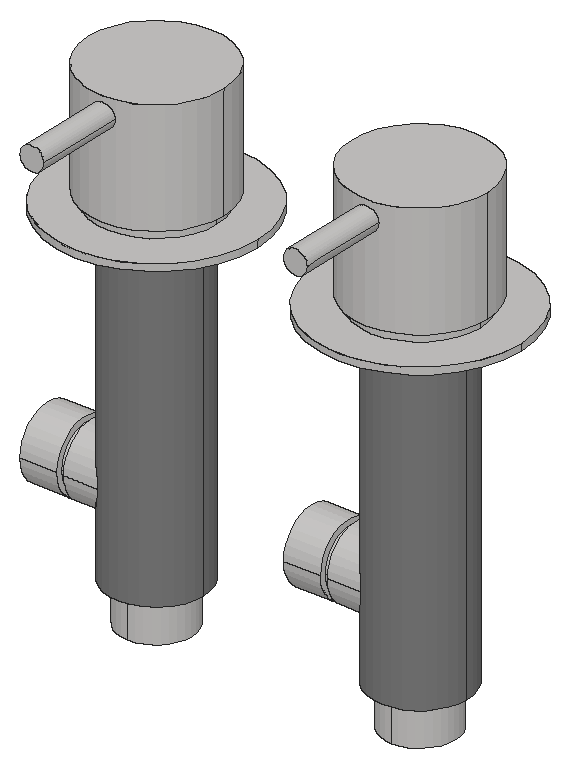
Revit family "SC2", category Generic Models, Revit 2021
Family settings
  Can host rebar = No
  Round Connector Dimension = Use Diameter
  Part Type = Normal
  Work Plane-Based = No
  Always vertical = Yes
  Cut with Voids When Loaded = No
  Shared = No
  Room Calculation Point = No
Parameters (values of type "Standard")
  e-mail = "info@vola.com"
  URL = "http://vola.com"
  Telephone = "+45 7023 5500"
  Quality management standard = "ISO 9001"
  Organisation no. / DUNS no. = "17531328"
  Occupational health and safety management standard = "ISO 18001"
  Mounting Instructions = "http://vola.com/service/producturl.ashx?name=SC2"
  Model = "SC2"
  Materials and components information = "http://vola.com/service/producturl.ashx?name=SC2"
  Manufacturer = "VOLA A/S"
  Maintenance Instructions = "http://vola.com/service/producturl.ashx?name=SC2"
  Guarantee = "2 years"
  Flow = "50,00 l/min"
  Environmental management standard = "ISO 14000"
  Default Elevation = 0.00 mm
  Connection - All relevant connections = "½\" for water connection"
  Approvals = "http://vola.com/service/producturl.ashx?name=SC2"
Reference planes
  plane 1 "Center (Front/Back)": y = 0
  plane 2: z = 0
  plane 3 "Center (Left/Right)": x = 0
Dimensions and locks
  aligned and locked: plane 2 to level
Nested families
  nested 1: "S50" at (39, 0, 0), type "S50"
  nested 2: "001" at (-39, 0, 0), type "001"
  nested 3: "001" at (39, 0, 0), type "001"
  nested 4: "S50" at (-39, 0, 0), type "S50"
Connectors
  piping at (-39, 0, -110), diameter 20.9
    settings: on nested 4, index 1, connector inside diameter 0.82283", connector length 0.00 mm, flow factor 0, pipe flow 0 GPM, pressure drop 0.00 psi, fitting loss kfactor 0, connector angle 0.00°, fixture units 0, engagement length 0.00 mm, angle of deflection 0.00°, flow configuration 0, flow direction 1, fitting loss method 0, system type 19, joint type 0, gender type 0, connector reference index -1, connector utility 0, adjustable connector no, is connector primary yes, connector description ""
  piping at (39, 0, -110), diameter 20.9
    settings: on nested 1, index 2, connector inside diameter 0.82283", connector length 0.00 mm, flow factor 0, pipe flow 0 GPM, pressure drop 0.00 psi, fitting loss kfactor 0, connector angle 0.00°, fixture units 0, engagement length 0.00 mm, angle of deflection 0.00°, flow configuration 0, flow direction 1, fitting loss method 0, system type 20, joint type 0, gender type 0, connector reference index -1, connector utility 0, adjustable connector no, is connector primary no, connector description ""
Definition of nested family "S50"
  Parameters
    e-mail = "info@vola.com"
    URL = "http://vola.com"
    Telephone = "+45 7023 5500"
    Quality management standard = "ISO 9001"
    Organisation no. / DUNS no. = "17531328"
    Occupational health and safety management standard = "ISO 18001"
    Mounting Instructions = "http://vola.com/service/producturl.ashx?name=S50"
    Model = "S50"
    Materials and components information = "http://vola.com/service/producturl.ashx?name=S50"
    Manufacturer = "VOLA A/S"
    Maintenance Instructions = "http://vola.com/service/producturl.ashx?name=S50"
    Guarantee = "2 years"
    Flow = "32,00 l/min"
    Environmental management standard = "ISO 14000"
    Default Elevation = 0.00 mm
    Connection - All relevant connections = "½\" for water connection"
    Approvals = "http://vola.com/service/producturl.ashx?name=S50"
  Reference planes
    plane 1 "Center (Front/Back)": y = 0
    plane 2: z = 0
    plane 3 "Center (Left/Right)": x = 0
  Forms (mm)
    Extrusion 1, solid
      sketch origin (0, 0, 2) x (1, 0, 0) y (0, 1, 0)
        loop
          circle (0, 0) r 18
      from 0 to 3
    Extrusion 2, solid
      sketch origin (0, 0, 5) x (1, 0, 0) y (0, 1, 0)
        loop
          circle (0, 0) r 20
      from 0 to 33.5
    Extrusion 3, solid
      sketch origin (0, 0, -1.25) x (1, 0, 0) y (0, 0, 1)
        loop
          circle (0, 34.5) r 3.5
      from 0 to 46
    Extrusion 4, solid
      sketch origin (0, 0, 0) x (1, 0, 0) y (0, 1, 0)
        loop
          circle (0, 0) r 14
      from 2 to -98
    Extrusion 5, solid
      sketch origin (0, 0, -98) x (0, 1, 0) y (1, 0, 0)
        loop
          circle (0, 0) r 9
      from 0 to 2
    Extrusion 6, solid
      sketch origin (0, 0, -100) x (-1, 0, 0) y (0, 1, 0)
        loop
          circle (0, 0) r 10.45
      from 10 to 0
    Extrusion 7, solid
      sketch origin (0, 0, 25) x (0, 1, 0) y (0, 0, 1)
        loop
          circle (0, -98) r 10.5
      from -19 to 0
    Extrusion 8, solid
      sketch origin (-19, 0, 25) x (0, -1, 0) y (0, 0, 1)
        loop
          circle (0, -98) r 9
      from 2 to 0
    Extrusion 9, solid
      sketch origin (-21, 0, 25) x (0, -1, 0) y (0, 0, 1)
        loop
          circle (0, -98) r 10.45
      from 11 to 0
    Extrusion 10, void
      sketch origin (0, 0, -98) x (1, 0, 0) y (0, 1, 0)
        loop
          circle (0, 0) r 14
      from 41.193 to 9.651
  Cuts and joins
    joined: Extrusion 2, Extrusion 3
    Extrusion 10 cuts Extrusion 5
    Extrusion 10 cuts Extrusion 7
  Lines and regions (mm)
    reference lines
      curve 1: line (0, 0, -110) -> (0, 0, -140)
      curve 2: line (-32, 0, -73) -> (-62, 0, -73)
    model lines
      curve 3: line (6.05, 19.063, 38.5) -> (6.05, -19.063, 38.5)
      curve 4: line (-6.05, -19.063, 38.5) -> (-6.05, 19.063, 38.5)
  Dimensions and locks
    aligned and locked: plane 2 to level
Definition of nested family "001"
  Parameters
    e-mail = "info@vola.com"
    URL = "http://vola.com"
    Telephone = "+45 7023 5500"
    Quality management standard = "ISO 9001"
    Organisation no. / DUNS no. = "17531328"
    Occupational health and safety management standard = "ISO 18001"
    Mounting Instructions = "http://vola.com/service/producturl.ashx?name=001"
    Model = "001"
    Materials and components information = "http://vola.com/service/producturl.ashx?name=001"
    Manufacturer = "VOLA A/S"
    Maintenance Instructions = "http://vola.com/service/producturl.ashx?name=001"
    Guarantee = "2 years"
    Environmental management standard = "ISO 14000"
    Default Elevation = 1219.20 mm
    Connection - All relevant connections = ""
    Approvals = "http://vola.com/service/producturl.ashx?name=001"
  Reference planes
    plane 1 "Center (Front/Back)": y = 0
    plane 2: z = 0
    plane 3 "Center (Left/Right)": x = 0
  Forms (mm)
    Extrusion 1, solid
      sketch origin (0, 0, 0) x (1, 0, 0) y (0, 1, 0)
        loop
          circle (0, 0) r 16.5
        loop
          circle (0, 0) r 30
      from 0 to 2
  Dimensions and locks
    aligned and locked: plane 2 to level
